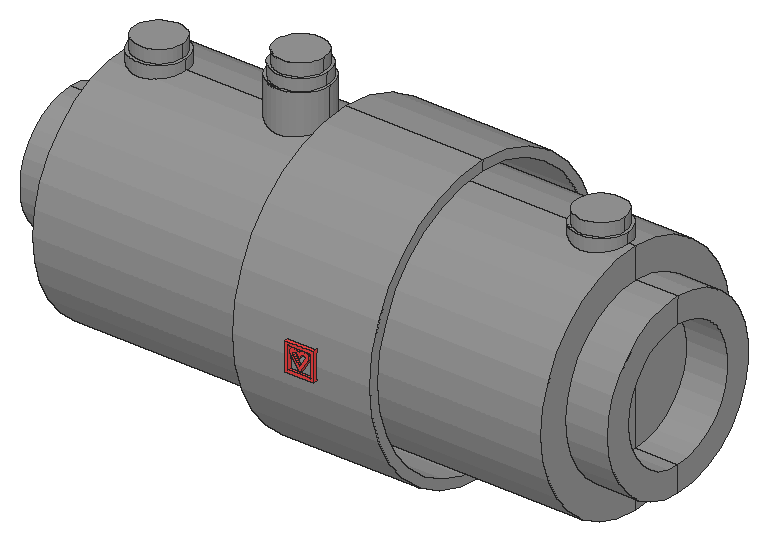
Revit family "Клапан предотвращения обратного потока 0307, наружная резьба х внутренняя резьба", category Rohrzubehör, Revit 2020
Family settings
  Bemaßung runder Anschluss = Durchmesser verwenden
  Teiletyp = Unterbricht
  OmniClass-Nummer = 23.65.55.14
  OmniClass-Titel = Valves for Liquid Services
  Arbeitsebenenbasiert = Nein
  Immer vertikal = Ja
  Beim Laden mit Abzugskörper schneiden = Nein
  Gemeinsam genutzt = Nein
Parameters (values of type "наружная резьба х внутренняя резьба DN40-DN40")
  Среда = "вода (не пар)"  # constant formula
  Примечание = "В соответствии со статьей 33 Регламента REACH (Registration; Evaluation; Authorisation; Restriction of Chemicals) (EC № 1907/2006) мы обязаны указать, что свинец внесен в список SVHC (Substances of Very High Concern - вещества очень высокой важности) и весовой процент свинца во всех латунных компонентах заводского изготовления в наших изделиях, превышает 0,1 % (w/w) (CAS: 7439-92-1 / EINECS: 231-100-4).\r\nПоскольку свинец является легирующим компонентом сплава, прямое негативное влияние исключается, и поэтому дополнительной информации о безопасном использовании не требуется."
  Область применения = "Клапан предотвращения обратного потока является экономически выгодным решением по дооснащению гидрантов арматурой, в соответствии с предписаниями DIN EN 1717, предотвращающей подсасывание непитьевой воды обратно в трубопровод питьевого водоснабжения.\r\nКлапан предотвращения обратного потока предназначается для установки в горизонтальном положении.\r\nДопускается также его вертикальное положение, но обязательно по направлению движения потока сверху вниз.\r\nКлапан не предусмотрен для установки на стояковых нагнетательных трубопроводах."
  Макс. рабочее давление = 1000000.0 Pa  # constant formula
  Макс. рабочая температура = 65 °C  # constant formula
  Корпус = "нержавеющая сталь"  # constant formula
  Исполнение = "Клапан предотвращения обратного потока ВА разработан согласно требованиям нормы DIN EN 1717.\r\nСогласно этой нормы качество воды, в зависимости от степени загрязнения, разделяется на 5 категорий.\r\nКлапан предотвращения обратного потока типа ВА обеспечивает защиту от непитьевой воды до 4 категории, - это самый высокий класс защиты, который может обеспечить арматура.\r\nБолее низкий уровень защиты, чем тот, что обеспечивается клапаном предотвращения обратного потока, не является стандартом и в случае аварии ответственность несёт потребитель такого гидранта.\r\nФункциональный узел представляет собой картридж с золотником больших размеров и защищающего от гидравлического удара спускного клапана.\r\nРезьбы соединения между собой взаимозаменяемы, при этом возможны 16 вариантов подключения (входная и выходная стороны могут быть с внутренней или наружной резьбой  1 1/2\" , как альтернатива,  с внутренней или наружной резьбой 2\")."
  Vorgabe-Ansicht = 0.000 mm
  URL = "www.herz-armaturen.ru"
  SCTWSEQ = "AW;SBT_TYP_AW=\"104\";2"
  SCTWCODE = "04;12;02"  # constant formula
  S03 = 15.000 mm  # constant formula
  S02 = 45.000 mm  # constant formula
  S01 = 98.000 mm  # constant formula
  Nennweite Ein [instance] = if(AG_IG_DN40_DN40, 40.000 mm, if(AG_IG_DN40_DN50, 40.000 mm, if(AG_IG_DN50_DN40, 50.000 mm, if(AG_IG_DN50_DN50, 50.000 mm, 0.000 mm))))  # 40.000 mm
  Nennweite Aus [instance] = if(AG_IG_DN40_DN40, 40.000 mm, if(AG_IG_DN40_DN50, 50.000 mm, if(AG_IG_DN50_DN40, 40.000 mm, if(AG_IG_DN50_DN50, 50.000 mm, 0.000 mm))))  # 40.000 mm
  Макс. допустимая рабочая температура (кратковременно) = 80 °C  # constant formula
  L07 = 24.500 mm  # constant formula
  L06 = 73.000 mm  # constant formula
  L05 = 28.000 mm  # constant formula
  L04 = 13.500 mm  # constant formula
  L03 = 87.500 mm  # constant formula
  L02 = 18.000 mm  # constant formula
  L01 = 193.000 mm  # constant formula
  Hersteller = "HERZ Armaturen Ges.m.b.H."  # constant formula
  Положение при монтаже = "горизонтально или вертикально, с направлением потока сверху вниз"  # constant formula
  D03 [instance] = if(AG_IG_DN40_DN40, 28.000 mm, if(AG_IG_DN40_DN50, 33.000 mm, if(AG_IG_DN50_DN40, 28.000 mm, if(AG_IG_DN50_DN50, 33.000 mm, 0.000 mm))))  # 28.000 mm
  D02 = 45.000 mm  # constant formula
  D01 = 37.500 mm  # constant formula
  Номер заказа [instance] = if(AG_IG_DN40_DN40, "I030704", if(AG_IG_DN40_DN50, "I030712", if(AG_IG_DN50_DN40, "I030716", if(AG_IG_DN50_DN50, "I030708", "0"))))  # "I030704"
  AG_IG_DN50_DN50 = no
  AG_IG_DN50_DN40 = no
  AG_IG_DN40_DN50 = no
  AG_IG_DN40_DN40 = yes
  IG Aus [instance] = Nennweite Aus / 2  # 20.000 mm
  AG Ein [instance] = Nennweite Ein / 2  # 20.000 mm
Types (5, lengths in mm): name | Nennweite Ein | Nennweite Aus | D03 | Номер заказа | AG_IG_DN50_DN50 | AG_IG_DN50_DN40 | AG_IG_DN40_DN50 | AG_IG_DN40_DN40 | IG Aus | AG Ein
  (no name) | 40.000 | 40.000 | 28.000 | "I030704" | no | no | no | yes | 20.000 | 20.000
  наружная резьба х внутренняя резьба DN40-DN50 | 40.000 | 50.000 | 33.000 | "I030712" | no | no | yes | no | 25.000 | 20.000
  наружная резьба х внутренняя резьба DN40-DN40 | 40.000 | 40.000 | 28.000 | "I030704" | no | no | no | yes | 20.000 | 20.000
  наружная резьба х внутренняя резьба DN50-DN50 | 50.000 | 50.000 | 33.000 | "I030708" | yes | no | no | no | 25.000 | 25.000
  наружная резьба х внутренняя резьба DN50-DN40 | 50.000 | 40.000 | 28.000 | "I030716" | no | yes | no | no | 20.000 | 25.000
Reference planes
  plane 1 "Mitte (Vorne/hinten)": y = 0
  plane 2: z = 0
  plane 3 "Mitte (Links/rechts)": x = 0
Forms (mm)
  Revolve 1, solid, material "Messing, weicher Gelbton, geschweißt", detail levels fine
    sketch origin (0, 0, 0) x (1, 0, 0) y (0, 0, 1)
      loop
        line (-96.5, 0) -> (83, 0) -> (83, 20) -> (96.5, 20) -> (96.5, 28) -> (83, 28) -> (83, 37.5) -> (-78.5, 37.5) -> (-78.5, 20) -> (-96.5, 20) -> (-96.5, 0)
      axis (-96.5, 0) -> (96.5, 0)
    angle from 0 to 360
  Revolve 2, solid, material "Acetalharz, Schwarz", detail levels fine
    sketch origin (0, 0, 0) x (1, 0, 0) y (0, 0, 1)
      loop
        line (-9, 0) -> (1.5, 0) -> (1.5, 42) -> (34.5, 42) -> (34.5, 45) -> (-9, 45) -> (-9, 0)
      axis (-9, 0) -> (34.5, 0)
    angle from 0 to 360
  Extrusion 3, solid, material "Messing, weicher Gelbton, geschweißt", detail levels fine
    sketch origin (0, 0, 0) x (1, 0, 0) y (0, 1, 0)
      loop
        circle (-68.5, 0) r 8.5
      loop
        circle (72, 0) r 8.5
    from 0 to 40.5
  Extrusion 4, solid, material "Acetalharz, Schwarz", detail levels fine
    sketch origin (0, 0, 0) x (1, 0, 0) y (0, 1, 0)
      loop
        circle (-68.5, 0) r 7.5
      loop
        circle (72, 0) r 7.5
    from 40.5 to 44.5
  Extrusion 5, solid, material "Messing, weicher Gelbton, geschweißt", detail levels fine
    sketch origin (0, 0, 0) x (1, 0, 0) y (0, 1, 0)
      loop
        circle (-23.5, 0) r 9.3
    from 0 to 49
  Extrusion 6, solid, material "Messing, weicher Gelbton, geschweißt", detail levels fine
    sketch origin (0, 0, 0) x (1, 0, 0) y (0, 1, 0)
      loop
        circle (-23.5, 0) r 8.5
    from 49 to 52.5
  Extrusion 7, solid, material "Acetalharz, Schwarz", visible <- "AG_IG_DN40_DN50", detail levels fine
    sketch origin (0, 0, 0) x (1, 0, 0) y (0, 1, 0)
      loop
        circle (-23.5, 0) r 7.5
    from 52.5 to 56.5
  Extrusion 8, solid, material "Acetalharz, Schwarz", visible <- "AG_IG_DN40_DN40", detail levels fine
    sketch origin (0, 0, 0) x (1, 0, 0) y (0, 1, 0)
      loop
        circle (-23.5, 0) r 7.5
    from 52.5 to 56.4
  Extrusion 9, solid, material "Acetalharz, Schwarz", visible <- "AG_IG_DN50_DN50", detail levels fine
    sketch origin (0, 0, 0) x (1, 0, 0) y (0, 1, 0)
      loop
        circle (-23.5, 0) r 7.5
    from 52.5 to 56.3
  Extrusion 10, solid, material "Acetalharz, Schwarz", visible <- "AG_IG_DN50_DN40", detail levels fine
    sketch origin (0, 0, 0) x (1, 0, 0) y (0, 1, 0)
      loop
        circle (-23.5, 0) r 7.5
    from 52.5 to 56.2
Lines and regions (mm)
  model lines, detail levels coarse+medium
    curve 1: line (-96.5, 0, 37.5) -> (96.5, 0, 37.5)
    curve 2: line (-96.5, 0, -37.5) -> (-96.5, 0, 37.5)
    curve 3: line (96.5, 0, -37.5) -> (-96.5, 0, -37.5)
    curve 4: line (96.5, 0, 37.5) -> (96.5, 0, -37.5)
    curve 5: line (-96.5, 0, -22.5) -> (-51.5, 0, -22.5)
    curve 6: line (-1.5, 0, -22.5) -> (96.5, 0, -22.5)
    curve 7: line (-96.5, 0, 22.5) -> (-51.5, 0, 22.5)
    curve 8: line (-1.5, 0, 22.5) -> (96.5, 0, 22.5)
    curve 9: line (-96.5, 37.5, 0) -> (96.5, 37.5, 0)
    curve 10: line (-96.5, -37.5, 0) -> (-96.5, 37.5, 0)
    curve 11: line (96.5, -37.5, 0) -> (-96.5, -37.5, 0)
    curve 12: line (96.5, 37.5, 0) -> (96.5, -37.5, 0)
    curve 13: line (-96.5, 22.5, 0) -> (-51.5, 22.5, 0)
    curve 14: line (-1.5, 22.5, 0) -> (96.5, 22.5, 0)
    curve 15: line (-96.5, -22.5, 0) -> (-51.5, -22.5, 0)
    curve 16: line (-1.5, -22.5, 0) -> (96.5, -22.5, 0)
Dimensions and locks
  "L04": Revolve 1 sketch curve to Revolve 1 sketch curve
  "L02": Revolve 1 sketch curve to Revolve 1 sketch curve
  "L01": Revolve 1 sketch curve to Revolve 1 sketch curve
  equal spacing: Revolve 1 sketch curve, plane 3 "Mitte (Links/rechts)", Revolve 1 sketch curve
  "AG Ein": Revolve 1 sketch curve to plane 2
  "D01": Revolve 1 sketch curve to plane 2
  "L03": Revolve 1 to Revolve 2 sketch curve
  equal spacing: curve 4, plane 3 "Mitte (Links/rechts)", curve 2
  "L01": curve 4 to curve 2
  "D01": curve 1 to plane 2 to curve 3
  "S03": curve 5 to curve 3
  "S03": curve 1 to curve 7
  "S03": curve 1 to curve 8
  "S03": curve 6 to curve 3
  "S02": curve 5 to curve 2
  "S02": curve 7 to curve 2
  "S01": curve 8 to curve 4
  "S01": curve 6 to curve 4
  equal spacing: curve 10, plane 3 "Mitte (Links/rechts)", curve 12
  "L01": curve 10 to curve 12
  "D01": curve 11 to plane 1 "Mitte (Vorne/hinten)" to curve 9
  "S03": curve 13 to curve 9
  "S03": curve 11 to curve 15
  "S03": curve 14 to curve 9
  "S03": curve 11 to curve 16
  "S01": curve 14 to curve 12
  "S01": curve 16 to curve 12
  "S02": curve 10 to curve 15
  "S02": curve 10 to curve 13
  "D02": Revolve 2 sketch curve to Revolve 2 sketch curve
  equal spacing: Revolve 2, nested 1, Revolve 2
  "D02": nested 1 to plane 1 "Mitte (Vorne/hinten)"
  "D03": Revolve 1 sketch curve to plane 2
  "IG Aus": Revolve 1 sketch curve to plane 2
  "L05": Revolve 1 to Extrusion 3 sketch curve
  "L05": Revolve 1 to Extrusion 4 sketch curve
  "L06": Revolve 1 to Extrusion 5 sketch curve
  "L06": Revolve 1 to Extrusion 6 sketch curve
  "L06": Revolve 1 to Extrusion 10 sketch curve
  "L06": Revolve 1 to Extrusion 9 sketch curve
  "L06": Revolve 1 to Extrusion 8 sketch curve
  "L06": Revolve 1 to Extrusion 7 sketch curve
  "L07": Extrusion 3 sketch curve to Revolve 1
  "L07": Extrusion 4 sketch curve to Revolve 1
  aligned and locked: level to plane 2
Automatic sketch dimensions
  Revolve 1 sketch curve to level = 0.000 mm  (x2)
  Revolve 1 sketch curve to Revolve 1 sketch curve = 0.000 mm
  Revolve 1 sketch curve to Revolve 1 sketch curve = 1408.530 mm
  Revolve 1 sketch curve to Revolve 1 sketch curve = 1741.148 mm
  Revolve 2 sketch curve to level = 0.000 mm  (x2)
  plane 3 "Mitte (Links/rechts)" to Revolve 2 sketch curve = 1.500 mm
  Revolve 2 sketch curve to Revolve 2 sketch curve = 33.000 mm
  Revolve 2 sketch curve to Revolve 2 sketch curve = 3.000 mm
  Revolve 2 sketch curve to Revolve 2 sketch curve = 1496.030 mm
  Revolve 2 sketch curve to Revolve 2 sketch curve = 1804.648 mm
  plane 1 "Mitte (Vorne/hinten)" to Extrusion 3 sketch curve = 0.000 mm  (x2)
  plane 1 "Mitte (Vorne/hinten)" to Extrusion 4 sketch curve = 0.000 mm  (x2)
  plane 1 "Mitte (Vorne/hinten)" to Extrusion 5 sketch curve = 0.000 mm
  plane 1 "Mitte (Vorne/hinten)" to Extrusion 6 sketch curve = 0.000 mm
  plane 1 "Mitte (Vorne/hinten)" to Extrusion 7 sketch curve = 0.000 mm
  plane 1 "Mitte (Vorne/hinten)" to Extrusion 8 sketch curve = 0.000 mm
  plane 1 "Mitte (Vorne/hinten)" to Extrusion 9 sketch curve = 0.000 mm
  plane 1 "Mitte (Vorne/hinten)" to Extrusion 10 sketch curve = 0.000 mm
  radius of Extrusion 3 sketch curve = 8.500 mm  (x2)
  radius of Extrusion 4 sketch curve = 7.500 mm  (x2)
  radius of Extrusion 5 sketch curve = 9.300 mm
  radius of Extrusion 6 sketch curve = 8.500 mm
  radius of Extrusion 7 sketch curve = 7.500 mm
  radius of Extrusion 8 sketch curve = 7.500 mm
  radius of Extrusion 9 sketch curve = 7.500 mm
  radius of Extrusion 10 sketch curve = 7.500 mm
Nested families
  nested 1: "Herz-Logo-vorne" at (12.75, -45, 0) x (0, 1, 0) z (0, 0, 1), type "Herz-Logo-vorne", detail levels fine
Connectors
  piping at (-96.5, 0, 0), diameter 40, driven by "Nennweite Ein"
    settings: on Revolve 1, index 2, connector inside diameter 609.6 mm, connector length 0.000 mm, flow factor 0, pipe flow 0.0 L/s, pressure drop 0.0 Pa, fitting loss kfactor 0, connector angle 0.00°, fixture units 0, engagement length 0.000 mm, angle of deflection 0.00°, flow configuration 0, flow direction 1, fitting loss method 0, system type 29, joint type 0, gender type 0, connector reference index -1, connector utility 0, adjustable connector no, is connector primary yes, connector description ""
  piping at (83, 0, 0), diameter 40, driven by "Nennweite Aus"
    settings: on Revolve 1, index 3, connector inside diameter 609.6 mm, connector length 0.000 mm, flow factor 0, pipe flow 0.0 L/s, pressure drop 0.0 Pa, fitting loss kfactor 0, connector angle 0.00°, fixture units 0, engagement length 0.000 mm, angle of deflection 0.00°, flow configuration 0, flow direction 2, fitting loss method 0, system type 29, joint type 0, gender type 0, connector reference index -1, connector utility 0, adjustable connector no, is connector primary no, connector description ""
Definition of nested family "Herz-Logo-vorne"
  Parameters (values of type "Herz-Logo-vorne")
    Default Elevation = 0.000 mm
  Reference planes
    plane 1 "Mitte (Vorne/hinten)": y = 0
    plane 2: z = 0
    plane 3 "Mitte (Links/rechts)": x = 0
  Forms (mm)
    Extrusion 1, solid
      sketch origin (0.732, -0.018, 0.017) x (0, -1, 0) y (0, 0, 1)
        loop
          line (-0.018, -4.517) -> (4.482, -4.517) -> (4.482, 4.483) -> (-4.518, 4.483) -> (-4.518, -4.517) -> (-0.018, -4.517)
        loop
          line (-0.05, -3.48) -> (3.482, -3.48) -> (3.482, 3.483) -> (-3.518, 3.483) -> (-3.518, -3.48) -> (-0.05, -3.48)
        loop
          arc (-0.018, 2.383) -> (-1.543, 3.287) -> (-3.067, 2.383) r 1.738
          arc (-3.067, 2.383) -> (-3.191, 1.899) -> (-3.067, 1.415) r 1.009
          line (-3.067, 1.415) -> (-0.018, -3.281) -> (3.032, 1.415)
          arc (3.032, 1.415) -> (3.156, 1.899) -> (3.032, 2.383) r 1.009
          arc (3.032, 2.383) -> (1.507, 3.287) -> (-0.018, 2.383) r 1.738
        loop
          arc (1.885, 1.272) -> (2.005, 1.675) -> (1.885, 2.079) r 0.74
          arc (1.885, 2.079) -> (1.265, 2.416) -> (0.644, 2.079) r 0.74
          line (0.644, 2.079) -> (-0.018, 0.97) -> (-0.679, 2.079)
          arc (-0.679, 2.079) -> (-1.3, 2.416) -> (-1.921, 2.079) r 0.74
          arc (-1.921, 2.079) -> (-2.04, 1.675) -> (-1.921, 1.272) r 0.74
          line (-1.921, 1.272) -> (-0.018, -1.658) -> (1.885, 1.272)
      from 0 to 1.5
  Dimensions and locks
    aligned and locked: level to plane 2
